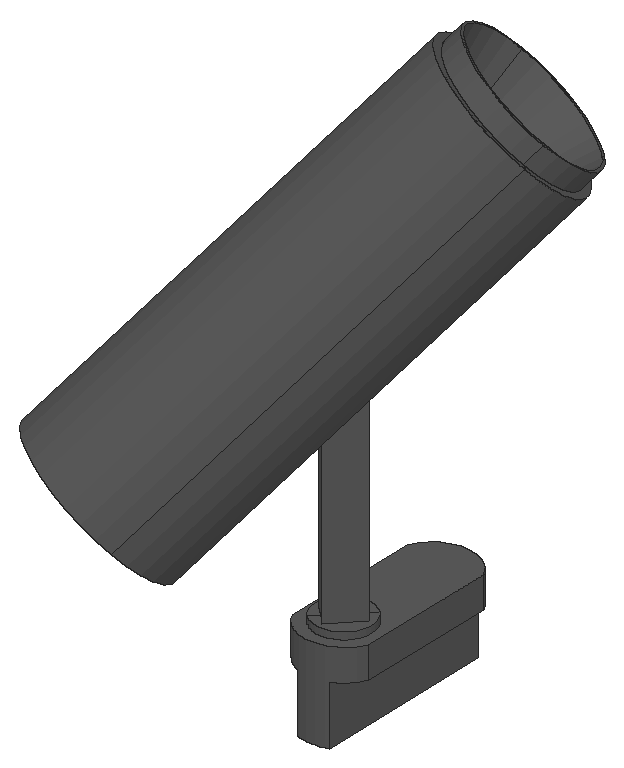
Revit family "0005529", category Lighting Fixtures, host Face, Revit 2017
Family settings
  Host = Face
  Round Connector Dimension = Use Diameter
  Part Type = Normal
  OmniClass Number = 23.80.70.00
  OmniClass Title = Lighting
  Cut with Voids When Loaded = No
  Light Source = No
  Shared = No
  Room Calculation Point = No
Parameters (values of type "0005529 LENZO L 32W 2000LM 940 GLB O/B BLACK - WB")
  Weight = "n/a"
  Wattage Comments = ""
  WarrantyStartDate [instance] = "n/a"
  WarrantyGuarantorParts = "n/a"
  WarrantyDurationUnit = "n/a"
  WarrantyDurationParts = "n/a"
  WarrantyDescription = "n/a"
  Voltage = 230 V
  VerticalRotation_SYL [instance] = 45.00°
  VerticalEndAngle_SYL [instance] = VerticalRotation_SYL - 180.00°  # -135.00°
  URL = "http://www.sylvania-lighting.com"
  TypeName = "LENZO L 32W 2000LM 940 GLB ON BOARD DIMMING BLACK - WB"
  TypeHead_SYL = Lenzo Head : 0005529 LENZO L 32W 2000LM 940 GLB O/B BLACK - WB
  Type Image = <None>
  Type Comments = "n/a"
  SerialNumber [instance] = "n/a"
  Material_3_SYL = none
  PowerFactor = 0
  PowerConsumption = "28 W"
  NominalLength = 76 mm
  NominalHeight = 305 mm
  NominalDepth = 76 mm
  Name = "LENZO L 32W 2000LM 940 GLB ON BOARD DIMMING BLACK - WB"
  ModelReference = Name  # "LENZO L 32W 2000LM 940 GLB ON BOARD DIMMING BLACK - WB"
  ModelNumber = "0005529"
  Model = Name  # "LENZO L 32W 2000LM 940 GLB ON BOARD DIMMING BLACK - WB"
  Material = "aluminium housing, none diffuser"
  ManufacturerName = "Feilo Sylvania"
  Manufacturer = "Feilo Sylvania"
  LuminousEfficacy = "57 lm/W"
  LuminaireType = ""
  LightOutputRatio = "n/a"
  LampsType = Lamp  # "LED"
  LampNominalLuminous = "800/1600 lm"
  LampMacAdamStep = "3"
  LampColourTemperature = "4000 K"
  LampColourRenderingIndex = "90"
  Lamp = "LED"
  Keynote = "16500"
  InstallationDate [instance] = "n/a"
  InputVoltage = "220-240 V AC"
  InputNominalFrequency = "50/60 Hz"
  IngressProtection = "IP20"
  ImpactProtectionIndex = "IK02"
  IfcExportType = "IfcLightFixtureType"
  IfcExportAs = "IfcLightFixtureType"
  HorizontalRotation_SYL [instance] = -45.00°
  ExpectedLife = 50000
  ElectricShockClassification = "Class I"
  DurationUnit = "hours"
  DocumentationLiterature = "http://www.sylvania-lighting.com/product/en-int/products/0005529"
  DimmingControlOptions = "on board dimming"
  Material_2_SYL = Spacer-Sylvania-StartTrackSpot-Aluminium
  Description = "LENZO L 32W 2000LM 940 GLB O/B BLACK - WB"
  Default Elevation = 1219.2 mm
  CreatedOn = "9/25/2019"
  CreatedBy = "@sylvania-lighting.com"
  Cost = 0
  built-in parameter 1114216 [instance] = (empty or 0)
  ClassificationValue = "EF_70_80"
  ClassificationName = "Uniclass2015"
  Material_1_SYL = Body-Sylvania-StartTrackSpot-Black
  BarCode [instance] = "n/a"
  AssetType = "Fixed"
  AssetIdentifier [instance] = "n/a"
  Assembly Code = "D5020200"
  Apparent Load = 28 VA
  Material_4_SYL = none
Types (2, lengths in mm): name | TypeName | TypeHead_SYL | Name | ModelReference | Model | Description
  0005529 LENZO L 32W 2000LM 940 GLB O/B BLACK - WB | "LENZO L 32W 2000LM 940 GLB ON BOARD DIMMING BLACK - WB" | Lenzo Head : 0005529 LENZO L 32W 2000LM 940 GLB O/B BLACK - WB | "LENZO L 32W 2000LM 940 GLB ON BOARD DIMMING BLACK - WB" | "LENZO L 32W 2000LM 940 GLB ON BOARD DIMMING BLACK - WB" | "LENZO L 32W 2000LM 940 GLB ON BOARD DIMMING BLACK - WB" | "LENZO L 32W 2000LM 940 GLB O/B BLACK - WB"
  0005529 LENZO L 32W 2000LM 940 GLB O/B BLACK - NB | "LENZO L 32W 2000LM 940 GLB ON BOARD DIMMING BLACK - NB" | Lenzo Head : 0005529 LENZO L 32W 2000LM 940 GLB O/B BLACK - NB | "LENZO L 32W 2000LM 940 GLB ON BOARD DIMMING BLACK - NB" | "LENZO L 32W 2000LM 940 GLB ON BOARD DIMMING BLACK - NB" | "LENZO L 32W 2000LM 940 GLB ON BOARD DIMMING BLACK - NB" | "LENZO L 32W 2000LM 940 GLB O/B BLACK - NB"
Reference planes
  plane 1 "Center (Front/Back)": y = 0
  plane 2: z = 0
  plane 3 "Center (Left/Right)": x = 0
  plane 4: x = 16.6
  plane 5: x = -16.6
  plane 6: x = 7
  plane 7: x = -7
  plane 8: x = -12.8
  plane 9: y = 42
  plane 10: y = 42
  plane 11: y = -42
  plane 12: y = 31.4
  plane 13: y = -31.4
  plane 14: z = -26
  plane 15: z = 14
  plane 16: z = 14
  plane 17: y = -17.4
  plane 18: y = -6.8
  plane 19: y = -24.4
Forms (mm)
  Extrusion 1, solid, material "Body-Sylvania-StartTrackSpot-Black" <- "Material_1_SYL"
    sketch origin (0, 0, 0) x (1, 0, 0) y (0, 1, 0)
      loop
        line (-16.6, 31.4) -> (-16.6, -31.4)
        arc (-16.6, -31.4) -> (0, -42) -> (16.6, -31.4) r 18.298
        line (16.6, -31.4) -> (16.6, 31.4)
        arc (16.6, 31.4) -> (0, 42) -> (-16.6, 31.4) r 18.298
    from -26 to 14
  Extrusion 2, void
    sketch origin (0, 0, 0) x (1, 0, 0) y (0, 1, 0)
      loop
        arc (-7, 40.608) -> (-12.666, 36.907) -> (-16.6, 31.4) r 18.298
        line (-16.6, 31.4) -> (-16.6, -31.4)
        arc (-16.6, -31.4) -> (-12.666, -36.907) -> (-7, -40.608) r 18.298
        line (-7, -40.608) -> (-7, 40.608)
      loop
        line (16.6, -31.4) -> (16.6, 31.4)
        arc (16.6, 31.4) -> (12.666, 36.907) -> (7, 40.608) r 18.298
        line (7, 40.608) -> (7, -40.608)
        arc (7, -40.608) -> (12.666, -36.907) -> (16.6, -31.4) r 18.298
    from 0 to -26
  Revolve 3, solid, not visible
    sketch origin (1524, -24.4, 1219.2) x (1, 0, 0) y (0, 0, 1)
      loop
        line (-1524, -1202.5) -> (-1524, -1183.235) -> (-1531, -1183.235) -> (-1531, -1202.5) -> (-1524, -1202.5)
      axis (-1524, -1183.235) -> (-1524, -1202.5)
    angle from 45 <- "VerticalRotation_SYL" to -135 <- "VerticalEndAngle_SYL"
Cuts and joins
  Extrusion 2 cuts Extrusion 1
Lines and regions (mm)
  reference lines
    curve 1: circle (0, -24.4, 0) r 12.7 normal (0, 0, 1)
    curve 2: arc (-16.6, -31.4, 0) -> (0, -42, 0) -> (16.6, -31.4, 0) r 18.298
    curve 3: arc (-16.6, -17.4, 0) -> (0, -6.8, 0) -> (16.6, -17.4, 0) r 18.298
    curve 4: arc (-16.6, 31.4, 0) -> (0, 42, 0) -> (16.6, 31.4, 0) r 18.298
Dimensions and locks
  plane 6 to plane 3 "Center (Left/Right)" to plane 7 = 7 mm locked, 7 mm locked
  plane 4 to plane 3 "Center (Left/Right)" to plane 5 = 16.6 mm locked, 16.6 mm locked
  locked: plane 3 "Center (Left/Right)" to plane 8 at 12.8
  plane 11 to plane 1 "Center (Front/Back)" to plane 10 = 42 mm locked, 42 mm locked
  plane 13 to plane 1 "Center (Front/Back)" to plane 12 = 31.4 mm locked, 31.4 mm locked
  locked: plane 2 to plane 14 at 26
  locked: plane 13 to plane 17 at 14
  locked: plane 17 to plane 18 at 10.6
  equal spacing: plane 13, plane 19, plane 17
  locked: plane 19 to curve 2 at 0.698
  locked: curve 3 to plane 19 at 0.698
  locked: plane 16 to plane 2 at 14
  aligned and locked: plane 2 to host face
  aligned and locked: level to host face
  aligned and locked: plane 3 "Center (Left/Right)" to curve 1
  aligned and locked: plane 19 to curve 1
  aligned and locked: plane 13 to curve 2  (x2)
  aligned and locked: plane 17 to curve 3  (x2)
  aligned and locked: plane 12 to curve 4  (x2)
  aligned and locked: plane 4 to curve 4
  aligned and locked: plane 3 "Center (Left/Right)" to curve 4
  aligned and locked: plane 5 to curve 2
  aligned and locked: plane 5 to curve 3
  aligned and locked: plane 4 to curve 3
  aligned and locked: plane 4 to curve 2
  aligned and locked: plane 12 to Extrusion 1 sketch curve
  aligned and locked: plane 13 to Extrusion 1 sketch curve
  aligned and locked: Extrusion 1 sketch curve to curve 4
  aligned and locked: Extrusion 1 sketch curve to curve 2
  aligned and locked: Extrusion 1 to plane 15
  aligned and locked: plane 14 to Extrusion 1
  aligned and locked: Extrusion 2 sketch curve to Extrusion 1  (x5)
  aligned and locked: Extrusion 2 sketch curve to plane 7
  aligned and locked: plane 14 to Extrusion 2
  aligned and locked: level to Extrusion 2
  aligned and locked: Revolve 3 sketch curve to plane 3 "Center (Left/Right)"
  aligned and locked: plane 16 to nested 1
  aligned and locked: plane 16 to plane 15
Automatic sketch dimensions
  plane 12 to curve 4 = 7.698 mm
  plane 12 to Extrusion 2 sketch curve = 0 mm
  Extrusion 2 sketch curve to Extrusion 2 sketch curve = 0 mm  (x2)
  Extrusion 2 sketch curve to plane 6 = 0 mm
  Revolve 3 sketch curve to plane 7 = 0 mm
  Revolve 3 sketch curve to Revolve 3 sketch curve = 19.265 mm
  plane 14 to Revolve 3 sketch curve = 583.6 mm
  Revolve 3 sketch curve to Revolve 3 sketch curve = 2558.594 mm
  Revolve 3 sketch curve to plane 3 "Center (Left/Right)" = 0 mm
  host sketch curve to host sketch curve = 200 mm  (x2)
  Revolve 3 sketch curve to plane 16 = 2.7 mm
  radius of curve 1 = 12.7 mm
Nested families
  nested 1: "Lenzo Arm" at (0, -24.4, 14) x (0, 0, -1) z (0.7071, 0.7071, 0), HorizontalRotation_SYL <- "HorizontalRotation_SYL", type "START Track Spot Integral WH"
    with HorizontalRotation_SYL -45.00°, HorizontalEndAngle_SYL -225.00°
  nested 2: "Lenzo Head" at (-14.453, -38.853, 130.44) x (0.7071, -0.7071, 0) z (-0.5, -0.5, -0.7071), type <- "TypeHead_SYL", type "0005529 LENZO L 32W 2000LM 940 GLB O/B BLACK - WB"
    with built-in parameter 1114216 (empty or 0)
Connectors
  electrical at (0, 0, 0), driven by "Apparent Load", driven by "PowerFactor", driven by "Voltage"
    settings: index 1, voltage 230 V, apparent load 28 VA, apparent load phase1 0 VA, apparent load phase2 0 VA, apparent load phase3 0 VA, power factor 0, load classification "Lighting", number of poles 1, system type 30, power factor state 1, is connector primary yes, connector utility no, sub classification motor no, connector description ""
Definition of nested family "Lenzo Arm"
  Parameters (values of type "START Track Spot Integral WH")
    URL = "http://www.sylvania-lighting.com"
    Type Image = (empty or 0)
    Type Comments = "n/a"
    Material_3_SYL = none
    Model = ""
    Manufacturer = "Feilo Sylvania"
    Keynote = ""
    Material_2_SYL = none
    HorizontalRotation_SYL [instance] = 0.00°
    HorizontalEndAngle_SYL [instance] = HorizontalRotation_SYL - 180.00°  # -180.00°
    Description = ""
    Default Elevation = 1219.2 mm
    Cost = 0
    Material_1_SYL = none
    Assembly Code = ""
    Material_4_SYL = none
  Reference planes
    plane 1 "Center (Front/Back)": y = 0
    plane 2: z = 0
    plane 3 "Center (Left/Right)": x = 0
    plane 4: x = -3
    plane 5: z = -12.5
    plane 6: z = 12.5
    plane 7: x = -96
    plane 8: z = 8
    plane 9: z = -8
    plane 10: x = -103
    plane 11: y = 5.5
    plane 12: y = -5.5
  Forms (mm)
    Extrusion 1, solid
      sketch origin (1116.2, 0, 0) x (1, 0, 0) y (0, 1, 0)
        loop
          line (-1283.103, 99.845) -> (-1283.103, -100.155) -> (-1083.103, -100.155) -> (-1083.103, 99.845) -> (-1283.103, 99.845)
      from 0 to -68.017
    Revolve 2, solid, material <- "Material_1_SYL"
      sketch origin (0, 0, 0) x (1, 0, 0) y (0, 0, 1)
        loop
          line (0, 0) -> (0, 12.5) -> (-3, 12.5) -> (-3, 0) -> (0, 0)
        axis (-3, 0) -> (0, 0)
      angle from 360 to 0
    Extrusion 3, solid, material <- "Material_1_SYL"
      sketch origin (0, 0, 0) x (1, 0, 0) y (0, 0, 1)
        loop
          line (-3, 8) -> (-103, 8) -> (-103, -8) -> (-3, -8) -> (-3, 8)
      from -5.5 to 5.5
    Revolve 4, solid, not visible
      sketch origin (-96, -4572, 2609.058) x (0, 0, 1) y (0, -1, 0)
        loop
          line (-2609.058, -4553.46) -> (-2609.058, -4590.54) -> (-2605.058, -4590.54) -> (-2605.058, -4553.46) -> (-2609.058, -4553.46)
        axis (-2609.058, -4553.46) -> (-2609.058, -4590.54)
      angle from 0 <- "HorizontalRotation_SYL" to -180 <- "HorizontalEndAngle_SYL"
  Dimensions and locks
    locked: plane 3 "Center (Left/Right)" to plane 4 at 3
    plane 6 to plane 2 to plane 5 = 12.5 mm locked, 12.5 mm locked
    equal spacing: Revolve 4 sketch curve, plane 1 "Center (Front/Back)", Revolve 4 sketch curve
    locked: Revolve 4 sketch curve to plane 1 "Center (Front/Back)" at 18.54
    locked: plane 4 to plane 10 at 100
    locked: plane 1 "Center (Front/Back)" to plane 11 at 5.5
    locked: plane 12 to plane 1 "Center (Front/Back)" at 5.5
    plane 8 to plane 2 to plane 9 = 8 mm, 8 mm
    locked: plane 7 to plane 10 at 7
    aligned and locked: plane 2 to Extrusion 1
    aligned and locked: level to Extrusion 1
    aligned and locked: plane 12 to Extrusion 3
    aligned and locked: Extrusion 3 to plane 11
    aligned and locked: plane 9 to Extrusion 3 sketch curve
    aligned and locked: Extrusion 3 sketch curve to plane 8
    aligned and locked: Extrusion 3 sketch curve to plane 10
    aligned and locked: Revolve 2 sketch curve to plane 6
Definition of nested family "Lenzo Head"
  Parameters (values of type "0005529 LENZO L 32W 2000LM 940 GLB O/B BLACK - WB")
    WidthCutOut_SYL = 13 mm  # constant formula
    Wattage Comments = "n/a"
    Wattage = 28 W
    built-in parameter 1150110 = 1 (stored number, unit not read)
    URL = "http://www.sylvania-lighting.com"
    Type Image = (empty or 0)
    Type Comments = "n/a"
    built-in parameter 1114217 = 1 (stored number, unit not read)
    Tilt Angle = 90.00°
    built-in parameter 1150109 = 1 (stored number, unit not read)
    built-in parameter 1150134 = 12
    built-in parameter 1150113 = 1 (stored number, unit not read)
    S_SYL = no
    RadiusLensOut_SYL = 21 mm
    RadiusLensHolder_SYL = 1.8 mm  # constant formula
    RadiusHead_SYL = if(S_SYL, 30 mm, 38 mm)  # 38 mm
    RadiusEmission_SYL = 8 mm
    Photometric Web File = "0005529-WB.ies"
    Material_3_SYL = none
    Model = "LENZO L 32W 2000LM 940 GLB ON BOARD DIMMING BLACK - WB"
    Manufacturer = "Feilo Sylvania"
    built-in parameter 1150105 = 127.01 (stored number, unit not read)
    Lumens = 1596 lm
    built-in parameter 1150115 = 1 (stored number, unit not read)
    built-in parameter 1150137 = (empty or 0)
    built-in parameter 1150139 = (empty or 0)
    LensProtrusion_SYL = 10 mm
    built-in parameter 1150112 = 1 (stored number, unit not read)
    built-in parameter 1150114 = 1 (stored number, unit not read)
    Lamp = "LED"
    Keynote = "16500"
    Material_2_SYL = none
    built-in parameter 1150132 = (empty or 0)
    built-in parameter 1150102 = (empty or 0)
    built-in parameter 1150107 = 4000 (stored number, unit not read)
    built-in parameter 1150138 = (empty or 0)
    built-in parameter 1150106 = 1.2701 (stored number, unit not read)
    Height_SYL = if(S_SYL, 162 mm, 201 mm)  # 201 mm
    HeightCutOut_SYL = if(S_SYL, 76 mm, 96 mm)  # 96 mm
    Emit from Circle Diameter = RadiusLensOut_SYL * 2  # 42 mm
    Emit Shape Visible in Rendering = no
    built-in parameter 1150104 = 5.2955 (stored number, unit not read)
    DistRotateAxisY_SYL = if(S_SYL, 66 mm, 90 mm)  # 90 mm
    Dimming Lamp Color Temperature Shift = (empty or 0)
    Description = "LENZO L 32W 2000LM 940 GLB O/B BLACK - WB"
    DepthCutOut_SYL = 16 mm  # constant formula
    Default Elevation = 1219.2 mm
    Cost = 0
    Color Filter = 16777215
    built-in parameter 1114216 [instance] = (empty or 0)
    Material_1_SYL = none
    built-in parameter 1114218 = 1 (stored number, unit not read)
    built-in parameter 1150133 = 10 (stored number, unit not read)
    Assembly Code = "D5020200"
    Apparent Load = 28 VA
    Material_4_SYL = none
  Types (2, lengths in mm): name | Photometric Web File | Model | LensProtrusion_SYL | Description
    0005529 LENZO L 32W 2000LM 940 GLB O/B BLACK - WB | "0005529-WB.ies" | "LENZO L 32W 2000LM 940 GLB ON BOARD DIMMING BLACK - WB" | 10 | "LENZO L 32W 2000LM 940 GLB O/B BLACK - WB"
    0005529 LENZO L 32W 2000LM 940 GLB O/B BLACK - NB | "0005529-NB.ies" | "LENZO L 32W 2000LM 940 GLB ON BOARD DIMMING BLACK - NB" | 27 | "LENZO L 32W 2000LM 940 GLB O/B BLACK - NB"
  Reference planes
    plane 1 "Center (Front/Back)": y = 0
    plane 2: z = 0
    plane 3 "Center (Left/Right)": x = 0
    plane 4: x = 38
    plane 5: z = 90
    plane 6: z = -111
    plane 7: x = 34.5
    plane 8: x = 21
    plane 9: x = 8
    plane 10: z = -75
    plane 11: z = -6
    plane 12: x = 33.5
    plane 13: z = -88
    plane 14: z = -73
    plane 15: z = -1
    plane 16: x = 6.5
    plane 17: x = -6.5
    plane 18: y = -38
    plane 19: y = -22
    plane 20: y = -30
    plane 21: z = -121
    plane 22: x = 24.5
    plane 23: z = -96
    plane 24: z = -134.762
    plane 25: z = -134.762
    plane 26: x = 1.5
    plane 27: z = -82.762
    plane 28: x = -1.5
    plane 29: z = -84.762
    plane 30: z = -84.762
    plane 31: z = -132.762
    plane 32: x = -51.5
    plane 33: z = -132.762
    plane 34: z = -84.762
    plane 35: z = -134.762
    plane 36: z = -134.762
    plane 37: x = 26.5
    plane 38: z = -88
  Forms (mm)
    Extrusion 1, solid
      sketch origin (4.2, -1183.2, 0) x (1, 0, 0) y (0, 1, 0)
        loop
          line (-55.7, 1231.317) -> (-55.7, 1131.317) -> (44.3, 1131.317) -> (44.3, 1231.317) -> (-55.7, 1231.317)
      from 0 to -20
    Revolve 2, solid, material <- "Material_1_SYL"
      sketch origin (0, 0, 0) x (1, 0, 0) y (0, 0, 1)
        loop
          line (38, -111) -> (38, 90) -> (34.5, 90) -> (34.5, -111) -> (38, -111)
        axis (0, 90) -> (0, -111)
      angle from 360 to 0
    Revolve 3, solid, material <- "Material_1_SYL"
      sketch origin (0, 0, 0) x (1, 0, 0) y (0, 0, 1)
        loop
          line (34.5, 90) -> (0, 90) -> (0, -6) -> (34.5, -6) -> (34.5, 90)
        axis (0, 90) -> (0, -6)
      angle from 360 to 0
    Revolve 4, solid
      sketch origin (0, 0, 0) x (1, 0, 0) y (0, 0, 1)
        loop
          line (0, -75) -> (8, -75)
          arc (8, -75) -> (22.311, -78.438) -> (33.5, -88) r 31.51
          line (33.5, -88) -> (34.5, -88) -> (34.5, -73) -> (0, -73) -> (0, -75)
        axis (0, -73) -> (0, -88)
      angle from 360 to 0
    Extrusion 5, void
      sketch origin (1524, -38, 1219.2) x (-1, 0, 0) y (0, 0, 1)
        loop
          line (1530.5, -1225.2) -> (1530.5, -1129.2) -> (1517.5, -1129.2) -> (1517.5, -1225.2) -> (1530.5, -1225.2)
      from 0 to 16
    Revolve 6, solid, material <- "Material_1_SYL"
      sketch origin (0, 0, 0) x (1, 0, 0) y (0, 0, 1)
        loop
          line (34.5, -121) -> (34.5, -88) -> (24.5, -88) -> (24.5, -96) -> (33.5, -121) -> (34.5, -121)
        axis (0, -88) -> (0, -121)
      angle from 360 to 0
    Revolve 7, solid, material <- "Material_2_SYL"
      sketch origin (0, 0, 0) x (1, 0, 0) y (0, 0, 1)
        loop
          line (0, -96) -> (24.5, -96) -> (24.5, -88) -> (0, -88) -> (0, -96)
        axis (0, -88) -> (0, -96)
      angle from 360 to 0
  Cuts and joins
    Extrusion 5 cuts Revolve 3
    Extrusion 5 cuts Revolve 2
  Dimensions and locks
    "RadiusHead_SYL": plane 4 to plane 3 "Center (Left/Right)"
    "DistRotateAxisY_SYL": plane 5 to plane 2
    "Height_SYL": plane 5 to plane 6
    plane 4 to plane 7 = 3.5 mm
    "RadiusLensOut_SYL": plane 8 to plane 3 "Center (Left/Right)"
    "RadiusEmission_SYL": plane 9 to plane 3 "Center (Left/Right)"
    "HeightCutOut_SYL": plane 5 to plane 11
    plane 12 to plane 8 = 12.5 mm
    locked: plane 2 to plane 15 at 1
    equal spacing: plane 16, plane 3 "Center (Left/Right)", plane 17
    "WidthCutOut_SYL": plane 16 to plane 17
    "RadiusHead_SYL": plane 18 to plane 1 "Center (Front/Back)"
    "DepthCutOut_SYL": plane 18 to plane 19
    equal spacing: plane 18, plane 20, plane 19
    "LensProtrusion_SYL": plane 6 to plane 21
    locked: plane 14 to plane 10 at 2
    locked: plane 10 to plane 13 at 13
    locked: plane 7 to plane 22 at 10
    locked: plane 23 to plane 21 at 25
    locked: plane 7 to plane 12 at 1
    locked: plane 38 to plane 23 at 8
    locked: plane 13 to plane 6 at 23
    aligned and locked: plane 2 to Extrusion 1
    aligned and locked: level to Extrusion 1
    aligned and locked: Revolve 2 sketch curve to plane 3 "Center (Left/Right)"
    aligned and locked: Revolve 2 sketch curve to plane 6
    aligned and locked: Revolve 2 sketch curve to plane 4
    aligned and locked: plane 5 to Revolve 2 sketch curve
    aligned and locked: plane 7 to Revolve 2 sketch curve
    aligned and locked: Revolve 3 sketch curve to plane 3 "Center (Left/Right)"
    aligned and locked: Revolve 3 sketch curve to Revolve 2  (x3)
    aligned and locked: Revolve 3 sketch curve to plane 11
    aligned and locked: plane 3 "Center (Left/Right)" to Revolve 3 sketch curve
    aligned and locked: Revolve 4 sketch curve to plane 3 "Center (Left/Right)"  (x2)
    aligned and locked: plane 3 "Center (Left/Right)" to Revolve 4 sketch curve
    aligned and locked: plane 9 to Revolve 4 sketch curve
    aligned and locked: plane 10 to Revolve 4 sketch curve
    aligned and locked: plane 12 to Revolve 4 sketch curve
    aligned and locked: plane 13 to Revolve 4 sketch curve
    aligned and locked: plane 11 to Extrusion 5 sketch curve
    aligned and locked: Extrusion 5 sketch curve to plane 17
    aligned and locked: Extrusion 5 sketch curve to plane 5
    aligned and locked: plane 16 to Extrusion 5 sketch curve
    aligned and locked: Extrusion 5 to plane 19
    aligned and locked: plane 18 to Extrusion 5
    aligned and locked: plane 3 "Center (Left/Right)" to imposter light
    aligned and locked: imposter light to plane 1 "Center (Front/Back)"
    aligned and locked: Revolve 6 sketch curve to plane 3 "Center (Left/Right)"
    aligned and locked: plane 7 to Revolve 6 sketch curve
    aligned and locked: Revolve 6 sketch curve to plane 21
    aligned and locked: Revolve 6 sketch curve to plane 7
    aligned and locked: Revolve 7 sketch curve to Revolve 6  (x2)
    aligned and locked: Revolve 7 sketch curve to plane 3 "Center (Left/Right)"  (x2)
    aligned and locked: Revolve 6 to Revolve 7 sketch curve
    aligned and locked: imposter light to plane 23
  Automatic sketch dimensions
    plane 6 to Revolve 2 sketch curve = 487.1 mm
    Revolve 2 sketch curve to plane 5 = 2571.558 mm
    Revolve 4 sketch curve to plane 10 = 2 mm
    plane 6 to Revolve 4 sketch curve = 487.1 mm
    Revolve 4 sketch curve to plane 5 = 2571.558 mm
    Revolve 4 sketch curve to plane 7 = 0 mm
    plane 6 to Revolve 3 sketch curve = 487.1 mm
    Revolve 3 sketch curve to Revolve 3 sketch curve = 2571.558 mm
    Extrusion 1 sketch curve to Extrusion 1 sketch curve = 100 mm  (x2)
    Revolve 6 sketch curve to plane 22 = 0 mm
    Revolve 6 sketch curve to plane 12 = 0 mm
    Revolve 6 sketch curve to plane 23 = 0 mm
    Revolve 6 sketch curve to plane 38 = 0 mm
    Revolve 6 sketch curve to plane 5 = 2592.258 mm
    Revolve 7 sketch curve to plane 5 = 2592.258 mm
    plane 21 to Revolve 6 sketch curve = 456.4 mm
    plane 21 to Revolve 7 sketch curve = 456.4 mm
